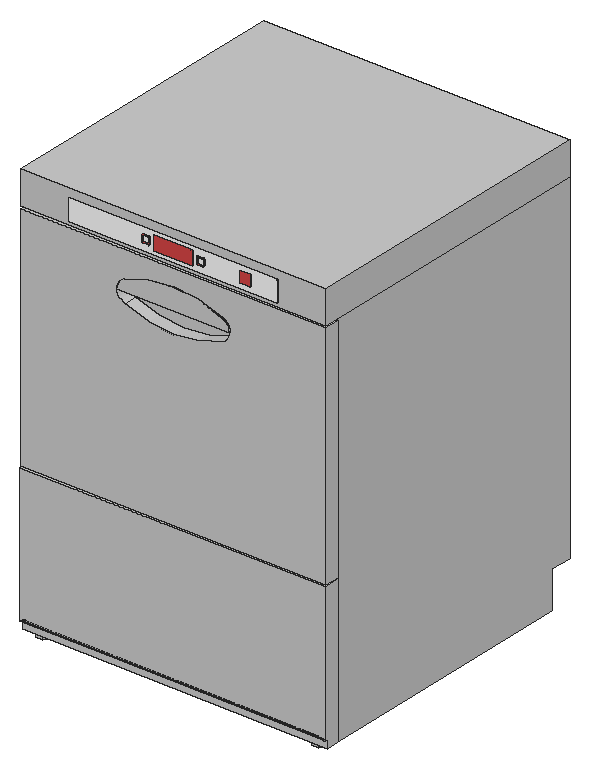
Revit family "QF_COMENDA_6F0081_6F0081DR_CAT", category Attrezzature speciali, Revit 2021
Family settings
  Quota connettore circolare = Usa diametro
  Tipo di parte = Normale
  Numero OmniClass = 23.40.40.14
  Titolo OmniClass = Food Service Equipment
  Basato su piano di lavoro = No
  Sempre verticale = Sì
  Taglio con vuoti quando caricato = No
  Condiviso = No
  Punto di calcolo locali = No
Parameters (values of type "6F0081DR")
  URL catalogo = "https://comenda.eu/wp-content/uploads/2024/02/Scheda-tecnica_TF45-R-DR_17.05.23_ENG.pdf"
  URL = "www.comenda.eu"
  Tensione = 400 V
  Temperatura raccomandata per acqua calda = 50 °C
  Stand feet kit = no
  Show Logo [instance] = yes
  Show Clearance [instance] = yes
  Protezione contro le sovracorrenti = 25 A
  Prospetto di default = 0 mm
  Profondità = 600 mm
  Pressione minima acqua calda = 2000.0 Pa
  Potenza elettrica = 9650 W
  Peso netto = 71.00 kg
  Numero dei poli = 3
  Modello = "TF45 R DR"
  Produttore = "COMENDA"
  Lunghezza = 600 mm
  HEIGHT FROM THE FLOOR = 0 mm
  Frequenza = 50 Hz
  Fase = 3
  Diametro raccordo acqua calda = 3/4"
  Diametro dello scarico diretto di acqua = 1 3/8"
  Descrizione = "DUAL WALL MULTIPOWER DOUBLE RACK DISHWASHER WITH HR DRAIN PUMP, PERISTALTIC DOSING UNITS AND RCD"
  Corrente di funzionamento normale = 22.7 A
  Assembly Code = ""
  Base stand with door = no
  Altezza dello scarico diretto acqua da pavimento finito = 64 mm
  Altezza da terra raccordo acqua calda = 64 mm
  Altezza allacciamento elettrico da pavimento finito = 83 mm
  Altezza = 820 mm
Types (2, lengths in mm): name | URL catalogo | Modello | Descrizione
  6F0081 | "https://comenda.eu/wp-content/uploads/2024/02/Scheda-tecnica_TF45-R_17.05.23_-ENG.pdf" | "TF45 R" | "DUAL WALL MULTIPOWER DISHWASHER WITH HR DRAIN PUMP, PERISTALTIC DOSING UNITS AND RCD"
  6F0081DR | "https://comenda.eu/wp-content/uploads/2024/02/Scheda-tecnica_TF45-R-DR_17.05.23_ENG.pdf" | "TF45 R DR" | "DUAL WALL MULTIPOWER DOUBLE RACK DISHWASHER WITH HR DRAIN PUMP, PERISTALTIC DOSING UNITS AND RCD"
Reference planes
  plane 1 "Back": y = 0
  plane 2: z = 0
  plane 3 "Left": x = 0
  plane 4 "Right": x = 600
  plane 5 "Front": y = -600
  plane 6 "Top": z = 820
  plane 7: z = 0
Forms (mm)
  Extrusion 1, solid
    sketch origin (0, 0, 500) x (1, 0, 0) y (0, 1, 0)
      loop
        line (21.3, -49.113) -> (14.1, -61.584) -> (21.3, -74.054) -> (35.7, -74.054) -> (42.9, -61.584) -> (35.7, -49.113) -> (21.3, -49.113)
      loop
        line (563.3, -49.113) -> (556.1, -61.584) -> (563.3, -74.054) -> (577.7, -74.054) -> (584.9, -61.584) -> (577.7, -49.113) -> (563.3, -49.113)
      loop
        line (21.3, -563.113) -> (14.1, -575.584) -> (21.3, -588.054) -> (35.7, -588.054) -> (42.9, -575.584) -> (35.7, -563.113) -> (21.3, -563.113)
      loop
        line (563.3, -563.113) -> (556.1, -575.584) -> (563.3, -588.054) -> (577.7, -588.054) -> (584.9, -575.584) -> (577.7, -563.113) -> (563.3, -563.113)
    from -500 to -493.5
  Extrusion 2, solid
    sketch origin (0, 0, 500) x (1, 0, 0) y (0, 1, 0)
      loop
        circle (28.5, -61.584) r 9
      loop
        circle (570.5, -61.584) r 9
      loop
        circle (28.5, -575.584) r 9
      loop
        circle (570.5, -575.584) r 9
    from -493.5 to -491.3
  Extrusion 3, solid
    sketch origin (0, 0, 499.5) x (0, 1, 0) y (0, 0, 1)
      loop
        line (-597.594, 320.5) -> (-597.594, 255.5) -> (0, 255.5) -> (0, 320.5) -> (-597.594, 320.5)
    from 0 to 600
  Extrusion 4, solid
    sketch origin (0, 0, 500) x (0, 1, 0) y (0, 0, 1)
      loop
        line (-568.297, 255) -> (-568.297, -491.3) -> (-42.297, -491.3) -> (-42.297, -417) -> (0, -417) -> (0, 255) -> (-568.297, 255)
    from 0 to 600
  Extrusion 5, solid
    sketch origin (0, 0, 500) x (0, 1, 0) y (0, 0, 1)
      loop
        line (-568.297, -490.954) -> (-568.297, -204.054) -> (-599.984, -204.054) -> (-599.984, -473.054)
        arc (-599.984, -473.054) -> (-599.281, -474.751) -> (-597.584, -475.454) r 2.4
        line (-597.584, -475.454) -> (-595.384, -475.454)
        arc (-595.384, -475.454) -> (-594.252, -475.922) -> (-593.784, -477.054) r 1.6
        line (-593.784, -477.054) -> (-593.784, -490.954) -> (-568.297, -490.954)
    from 0 to 600
  Extrusion 6, solid
    sketch origin (27.9, 0, 533) x (1, 0, 0) y (0, 1, 0)
      loop
        circle (122.1, -23.084) r 13
    from -469.3 to -450
  Extrusion 7, solid
    sketch origin (127.8, 0, 533) x (1, 0, 0) y (0, 1, 0)
      loop
        circle (122.1, -23.084) r 13
    from -452 to -450
  Extrusion 8, solid
    sketch origin (355.8, 0, 533) x (1, 0, 0) y (0, 1, 0)
      loop
        circle (122.1, -23.084) r 13
    from -452 to -450
  Extrusion 9, solid
    sketch origin (-207.466, -568.594, 708.792) x (1, 0, 0) y (0, 0, 1)
      loop
        arc (410.527, -54.481) -> (506.968, -74.428) -> (603.409, -54.481) r 243.118
        arc (603.409, -54.481) -> (617.983, -32.306) -> (603.409, -10.131) r 24.157
        arc (603.409, -10.131) -> (506.968, 10.193) -> (410.527, -10.131) r 238.976
        arc (410.527, -10.131) -> (395.953, -32.306) -> (410.527, -54.481) r 24.157
    from 0 to 2
  Extrusion 10, solid
    sketch origin (-207.466, -596.594, 708.792) x (1, 0, 0) y (0, 0, 1)
      loop
        arc (410.527, -10.131) -> (399.93, -19.027) -> (395.953, -32.278) r 24.157
        line (395.953, -32.278) -> (617.983, -32.278)
        arc (617.983, -32.278) -> (614.006, -19.027) -> (603.409, -10.131) r 24.157
        arc (603.409, -10.131) -> (506.968, 10.193) -> (410.527, -10.131) r 238.976
    from 0 to 2
  Extrusion 11, solid
    sketch origin (-208.568, -595.794, 698) x (1, 0, 0) y (0, 0, 1)
      loop
        line (302.336, 102.5) -> (302.336, 66.5)
        arc (302.336, 66.5) -> (303.136, 64.568) -> (305.068, 63.768) r 2.732
        line (305.068, 63.768) -> (711.068, 63.768)
        arc (711.068, 63.768) -> (713, 64.568) -> (713.8, 66.5) r 2.732
        line (713.8, 66.5) -> (713.8, 102.5)
        arc (713.8, 102.5) -> (713, 104.432) -> (711.068, 105.232) r 2.732
        line (711.068, 105.232) -> (305.068, 105.232)
        arc (305.068, 105.232) -> (303.136, 104.432) -> (302.336, 102.5) r 2.732
    from 0 to 2
  Extrusion 12, solid
    sketch origin (-208.568, -595.994, 708) x (1, 0, 0) y (0, 0, 1)
      loop
        line (470.568, 88.5) -> (470.568, 60.5) -> (545.568, 60.5) -> (545.568, 88.5) -> (470.568, 88.5)
    from 0 to 2
  Extrusion 13, solid
    sketch origin (-218.568, -595.994, 708) x (1, 0, 0) y (0, 0, 1)
      loop
        arc (651.094, 85.5) -> (649.662, 84.907) -> (649.068, 83.474) r 2.026
        line (649.068, 83.474) -> (649.068, 65.509)
        arc (649.068, 65.509) -> (649.656, 64.088) -> (651.077, 63.5) r 2.009
        line (651.077, 63.5) -> (669.077, 63.5)
        arc (669.077, 63.5) -> (670.485, 64.083) -> (671.068, 65.491) r 1.991
        line (671.068, 65.491) -> (671.068, 83.549)
        arc (671.068, 83.549) -> (670.497, 84.928) -> (669.117, 85.5) r 1.951
        line (669.117, 85.5) -> (651.094, 85.5)
      loop
        arc (566.576, 82.5) -> (564.449, 81.619) -> (563.568, 79.492) r 3.008
        line (563.568, 79.492) -> (563.568, 69.492)
        arc (563.568, 69.492) -> (564.445, 67.376) -> (566.56, 66.5) r 2.992
        line (566.56, 66.5) -> (576.544, 66.5)
        arc (576.544, 66.5) -> (578.683, 67.386) -> (579.568, 69.524) r 3.024
        line (579.568, 69.524) -> (579.568, 79.495)
        arc (579.568, 79.495) -> (578.688, 81.62) -> (576.563, 82.5) r 3.005
        line (576.563, 82.5) -> (566.576, 82.5)
      loop
        line (565.568, 79.492) -> (565.568, 69.492)
        arc (565.568, 69.492) -> (565.859, 68.791) -> (566.56, 68.5) r 0.992
        line (566.56, 68.5) -> (576.544, 68.5)
        arc (576.544, 68.5) -> (577.268, 68.8) -> (577.568, 69.524) r 1.024
        line (577.568, 69.524) -> (577.568, 79.495)
        arc (577.568, 79.495) -> (577.274, 80.206) -> (576.563, 80.5) r 1.005
        line (576.563, 80.5) -> (566.576, 80.5)
        arc (566.576, 80.5) -> (565.863, 80.205) -> (565.568, 79.492) r 1.008
      loop
        arc (459.574, 82.5) -> (457.448, 81.619) -> (456.567, 79.492) r 3.008
        line (456.567, 79.492) -> (456.567, 69.492)
        arc (456.567, 69.492) -> (457.443, 67.376) -> (459.559, 66.5) r 2.992
        line (459.559, 66.5) -> (469.543, 66.5)
        arc (469.543, 66.5) -> (471.681, 67.386) -> (472.567, 69.524) r 3.024
        line (472.567, 69.524) -> (472.567, 79.495)
        arc (472.567, 79.495) -> (471.687, 81.62) -> (469.562, 82.5) r 3.005
        line (469.562, 82.5) -> (459.574, 82.5)
      loop
        line (458.567, 79.492) -> (458.567, 69.492)
        arc (458.567, 69.492) -> (458.857, 68.791) -> (459.559, 68.5) r 0.992
        line (459.559, 68.5) -> (469.543, 68.5)
        arc (469.543, 68.5) -> (470.267, 68.8) -> (470.567, 69.524) r 1.024
        line (470.567, 69.524) -> (470.567, 79.495)
        arc (470.567, 79.495) -> (470.272, 80.206) -> (469.562, 80.5) r 1.005
        line (469.562, 80.5) -> (459.574, 80.5)
        arc (459.574, 80.5) -> (458.862, 80.205) -> (458.567, 79.492) r 1.008
    from 0 to 2
  Extrusion 14, solid
    sketch origin (1000, -568.594, 600) x (1, 0, 0) y (0, 0, 1)
      loop
        line (-1000, 150.792) -> (-1000, -302.058) -> (-400, -302.058) -> (-400, 150.792) -> (-1000, 150.792)
      loop
        arc (-796.939, 98.661) -> (-811.514, 76.486) -> (-796.939, 54.311) r 24.157
        arc (-796.939, 54.311) -> (-700.498, 34.364) -> (-604.057, 54.311) r 243.118
        arc (-604.057, 54.311) -> (-589.483, 76.486) -> (-604.057, 98.661) r 24.157
        arc (-604.057, 98.661) -> (-700.498, 118.985) -> (-796.939, 98.661) r 238.976
    from 0 to 29
  Extrusion 15, solid, visible <- "Show Clearance", detail levels coarse
    sketch origin (0, -8.2, 600) x (0, 1, 0) y (0, 0, 1)
      loop
        line (-597.544, 150.782) -> (-591.8, 150.782) -> (-591.8, -302.058) -> (-597.594, -302.058) -> (-1031.784, -302.058)
        arc (-1031.784, -302.058) -> (-908.588, 14.37) -> (-597.594, 150.704) r 443.144
    from 0 to 600
Lines and regions (mm)
  symbolic lines, style "200-EquipBorder-2D"
    curve 1: line (0, 0, 0) -> (600, 0, 0)
    curve 2: line (0, -599.984, 0) -> (0, 0, 0)
    curve 3: line (600, -599.984, 0) -> (0, -599.984, 0)
    curve 4: line (600, 0, 0) -> (600, -599.984, 0)
  symbolic lines, style "QF_Door-Drawer Clearances", visible <- "Show Clearance"
    curve 5: line (600, -1050.444, 0) -> (0, -1050.444, 0)
    curve 6: line (0, -599.984, 0) -> (0, -1050.444, 0)
    curve 7: line (600, -1050.444, 0) -> (600, -599.984, 0)
Dimensions and locks
  plane 3 "Left" to plane 4 "Right" = 600 mm
  plane 5 "Front" to plane 1 "Back" = 600 mm
  plane 6 "Top" to level = 820 mm
  "Altezza": plane 6 "Top" to plane 7
  "HEIGHT FROM THE FLOOR": level to plane 7
  locked: plane 7 to Extrusion 4 at 8.7
  locked: plane 7 to Extrusion 1 at 6.5
  locked: Extrusion 2 to Extrusion 4 at 2.2
  Extrusion 6 to Extrusion 4 = 19.3 mm
  Extrusion 7 to Extrusion 4 = 2 mm
  Extrusion 8 to Extrusion 4 = 2 mm
  Extrusion 4 sketch curve to Extrusion 4 sketch curve = 672 mm
  plane 7 to Extrusion 4 = 83 mm
  plane 1 "Back" to Extrusion 4 = 568.297 mm
  aligned and locked: level to plane 2
  aligned and locked: plane 7 to Extrusion 1
  aligned and locked: Extrusion 2 to Extrusion 4
  aligned and locked: Extrusion 1 to Extrusion 2
  aligned and locked: Extrusion 4 to Extrusion 3
Automatic sketch dimensions
  plane 1 "Back" to Extrusion 6 sketch curve = 23.084 mm
  plane 4 "Right" to Extrusion 6 sketch curve = 450 mm
  plane 1 "Back" to Extrusion 7 sketch curve = 23.084 mm
  plane 3 "Left" to Extrusion 7 sketch curve = 249.9 mm
  plane 1 "Back" to Extrusion 8 sketch curve = 23.084 mm
  plane 3 "Left" to Extrusion 8 sketch curve = 477.9 mm
  plane 3 "Left" to Extrusion 9 sketch curve = 212.643 mm
  Extrusion 9 sketch curve to Extrusion 9 sketch curve = 86.858 mm  (x2)
  plane 6 "Top" to Extrusion 9 sketch curve = 57.482 mm
  Extrusion 9 sketch curve to Extrusion 9 sketch curve = 173.717 mm
  Extrusion 9 sketch curve to plane 6 "Top" = 143.514 mm  (x2)
  Extrusion 9 sketch curve to Extrusion 9 sketch curve = 196.477 mm
  Extrusion 9 sketch curve to Extrusion 9 sketch curve = 9.583 mm  (x3)
  Extrusion 9 sketch curve to Extrusion 9 sketch curve = 0 mm
  plane 3 "Left" to Extrusion 10 sketch curve = 188.486 mm
  Extrusion 10 sketch curve to Extrusion 10 sketch curve = 24.157 mm  (x2)
  Extrusion 10 sketch curve to Extrusion 10 sketch curve = 86.858 mm
  Extrusion 10 sketch curve to Extrusion 10 sketch curve = 173.717 mm
  Extrusion 10 sketch curve to plane 6 "Top" = 339.992 mm
  Extrusion 10 sketch curve to plane 6 "Top" = 143.514 mm
  Extrusion 10 sketch curve to Extrusion 10 sketch curve = 0 mm
  Extrusion 10 sketch curve to Extrusion 10 sketch curve = 0.028 mm
  Extrusion 10 sketch curve to Extrusion 10 sketch curve = 9.583 mm
  Extrusion 11 sketch curve to plane 6 "Top" = 19.5 mm
  plane 3 "Left" to Extrusion 11 sketch curve = 93.768 mm
  Extrusion 11 sketch curve to Extrusion 11 sketch curve = 2.732 mm  (x3)
  plane 4 "Right" to Extrusion 11 sketch curve = 97.5 mm
  Extrusion 11 sketch curve to Extrusion 11 sketch curve = 0 mm
  Extrusion 11 sketch curve to Extrusion 11 sketch curve = 36 mm
  Extrusion 12 sketch curve to plane 6 "Top" = 51.5 mm
  plane 3 "Left" to Extrusion 12 sketch curve = 262 mm
  Extrusion 12 sketch curve to plane 6 "Top" = 23.5 mm
  Extrusion 12 sketch curve to Extrusion 12 sketch curve = 75 mm
  Extrusion 13 sketch curve to Extrusion 13 sketch curve = 0 mm  (x16)
  Extrusion 13 sketch curve to plane 6 "Top" = 42.508 mm
  plane 3 "Left" to Extrusion 13 sketch curve = 237.999 mm
  Extrusion 13 sketch curve to Extrusion 13 sketch curve = 2 mm  (x2)
  Extrusion 13 sketch curve to Extrusion 13 sketch curve = 0.992 mm  (x2)
  Extrusion 13 sketch curve to Extrusion 13 sketch curve = 1.008 mm  (x2)
  Extrusion 13 sketch curve to Extrusion 13 sketch curve = 9.984 mm  (x2)
  Extrusion 13 sketch curve to Extrusion 13 sketch curve = 0.019 mm
  Extrusion 13 sketch curve to Extrusion 13 sketch curve = 1.024 mm  (x2)
  Extrusion 13 sketch curve to Extrusion 13 sketch curve = 91.001 mm
  Extrusion 13 sketch curve to Extrusion 13 sketch curve = 9.988 mm
  Extrusion 13 sketch curve to Extrusion 13 sketch curve = 69.5 mm
  Extrusion 13 sketch curve to Extrusion 13 sketch curve = 2.009 mm
  Extrusion 13 sketch curve to Extrusion 13 sketch curve = 2.026 mm
  Extrusion 13 sketch curve to Extrusion 13 sketch curve = 18.001 mm
  Extrusion 13 sketch curve to Extrusion 13 sketch curve = 18.022 mm
  Extrusion 13 sketch curve to Extrusion 13 sketch curve = 1.991 mm
  Extrusion 13 sketch curve to plane 6 "Top" = 45.5 mm
  Extrusion 13 sketch curve to plane 6 "Top" = 46.491 mm
  Extrusion 13 sketch curve to Extrusion 13 sketch curve = 10 mm  (x2)
  Extrusion 13 sketch curve to Extrusion 13 sketch curve = 17.965 mm
  Extrusion 14 sketch curve to plane 3 "Left" = 0 mm
  plane 4 "Right" to Extrusion 14 sketch curve = 0 mm
  plane 3 "Left" to Extrusion 14 sketch curve = 212.643 mm
  Extrusion 14 sketch curve to Extrusion 14 sketch curve = 86.858 mm  (x2)
  plane 6 "Top" to Extrusion 14 sketch curve = 57.482 mm
  Extrusion 14 sketch curve to plane 6 "Top" = 143.514 mm  (x2)
  Extrusion 14 sketch curve to Extrusion 14 sketch curve = 173.717 mm
  Extrusion 14 sketch curve to Extrusion 14 sketch curve = 196.477 mm
  Extrusion 14 sketch curve to plane 7 = 297.942 mm
  Extrusion 14 sketch curve to plane 6 "Top" = 69.208 mm
  Extrusion 14 sketch curve to Extrusion 14 sketch curve = 9.583 mm  (x3)
  Extrusion 14 sketch curve to Extrusion 14 sketch curve = 0 mm
  plane 1 "Back" to curve 1 = 0 mm
  curve 1 to plane 3 "Left" = 0 mm
  curve 5 to plane 4 "Right" = 0 mm
  plane 5 "Front" to curve 4 = 0.016 mm
  curve 6 to plane 5 "Front" = 450.444 mm
  plane 3 "Left" to Extrusion 1 sketch curve = 14.1 mm  (x2)
  Extrusion 1 sketch curve to Extrusion 1 sketch curve = 7.2 mm  (x12)
  plane 5 "Front" to Extrusion 1 sketch curve = 11.946 mm  (x2)
  Extrusion 1 sketch curve to Extrusion 1 sketch curve = 14.4 mm  (x8)
  plane 4 "Right" to Extrusion 1 sketch curve = 43.9 mm  (x2)
  Extrusion 1 sketch curve to Extrusion 1 sketch curve = 12.471 mm  (x12)
  plane 1 "Back" to Extrusion 1 sketch curve = 74.054 mm  (x2)
  plane 3 "Left" to Extrusion 2 sketch curve = 28.5 mm  (x2)
  plane 4 "Right" to Extrusion 2 sketch curve = 29.5 mm  (x2)
  plane 5 "Front" to Extrusion 2 sketch curve = 24.416 mm  (x2)
  plane 1 "Back" to Extrusion 2 sketch curve = 61.584 mm  (x2)
  Extrusion 3 sketch curve to plane 6 "Top" = 0 mm
  Extrusion 3 sketch curve to plane 1 "Back" = 0 mm
  plane 5 "Front" to Extrusion 3 sketch curve = 2.406 mm
  Extrusion 3 sketch curve to Extrusion 3 sketch curve = 65 mm
  Extrusion 4 sketch curve to plane 1 "Back" = 0 mm
  Extrusion 4 sketch curve to Extrusion 4 sketch curve = 42.297 mm
  plane 5 "Front" to Extrusion 4 sketch curve = 31.703 mm
  Extrusion 4 sketch curve to plane 7 = 8.7 mm
  Extrusion 4 sketch curve to plane 6 "Top" = 65 mm
  plane 5 "Front" to Extrusion 5 sketch curve = 0.016 mm
  plane 5 "Front" to Extrusion 5 sketch curve = 2.416 mm
  Extrusion 5 sketch curve to Extrusion 5 sketch curve = 2.2 mm
  Extrusion 5 sketch curve to Extrusion 5 sketch curve = 1.6 mm
  Extrusion 5 sketch curve to plane 7 = 9.046 mm
  Extrusion 5 sketch curve to Extrusion 5 sketch curve = 25.487 mm
  Extrusion 5 sketch curve to Extrusion 5 sketch curve = 13.9 mm
  Extrusion 5 sketch curve to Extrusion 5 sketch curve = 269 mm
  Extrusion 15 sketch curve to plane 5 "Front" = 0 mm
  Extrusion 15 sketch curve to plane 5 "Front" = 5.794 mm
  Extrusion 15 sketch curve to Extrusion 15 sketch curve = 434.19 mm
  plane 5 "Front" to Extrusion 15 sketch curve = 3.054 mm
  level to Extrusion 15 sketch curve = 297.942 mm
  Extrusion 15 sketch curve to Extrusion 15 sketch curve = 9.707 mm
  Extrusion 15 sketch curve to plane 6 "Top" = 69.218 mm
  Extrusion 15 sketch curve to plane 5 "Front" = 5.744 mm
  Extrusion 15 sketch curve to Extrusion 15 sketch curve = 0.05 mm
  radius of Extrusion 6 sketch curve = 13 mm
  radius of Extrusion 7 sketch curve = 13 mm
  radius of Extrusion 8 sketch curve = 13 mm
  radius of Extrusion 2 sketch curve = 9 mm  (x4)
Connectors
  electrical at (150, -23.084, 63.7), driven by "Numero dei poli", driven by "Tensione", driven by "Potenza elettrica"
    settings: on Extrusion 6, index 1, voltage 400 V, apparent load 9650 VA, apparent load phase1 0 VA, apparent load phase2 0 VA, apparent load phase3 0 VA, power factor 1, load classification "Other", number of poles 3, system type 30, power factor state 1, is connector primary yes, connector utility no, sub classification motor no, connector description "QF_Electrical Connection"
  piping at (477.9, -23.084, 81), diameter 19.05, driven by "Diametro raccordo acqua calda"
    settings: on Extrusion 8, index 2, connector inside diameter 24", connector length 0 mm, flow factor 0, pipe flow 0.0 L/s, pressure drop 0.0 Pa, fitting loss kfactor 0, connector angle 0.00°, fixture units 0, engagement length 0 mm, angle of deflection 0.00°, flow configuration 1, flow direction 1, fitting loss method 0, system type 19, joint type 0, gender type 0, connector reference index -1, connector utility 0, adjustable connector no, is connector primary yes, connector description "QF_Water Inlet"
  piping at (249.9, -23.084, 81), diameter 34.925, driven by "Diametro dello scarico diretto di acqua"
    settings: on Extrusion 7, index 3, connector inside diameter 24", connector length 0 mm, flow factor 0, pipe flow 0.0 L/s, pressure drop 0.0 Pa, fitting loss kfactor 0, connector angle 0.00°, fixture units 0, engagement length 0 mm, angle of deflection 0.00°, flow configuration 1, flow direction 2, fitting loss method 0, system type 16, joint type 0, gender type 0, connector reference index -1, connector utility 0, adjustable connector no, is connector primary no, connector description "QF_Drain Connection"
